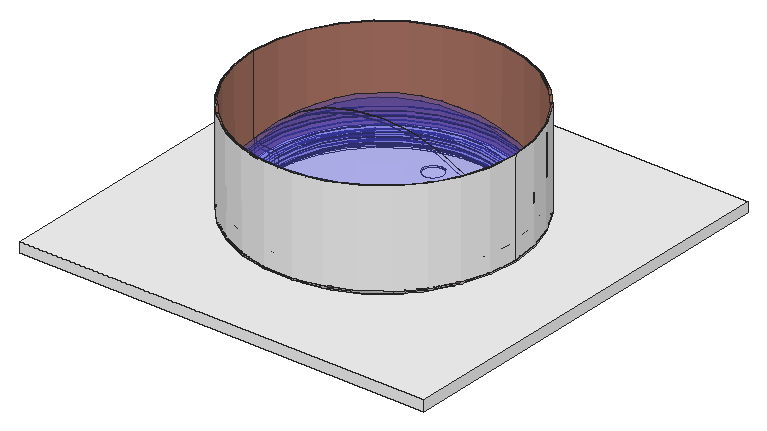
Revit family "BE_51017.6_de_DE", category Leuchten, Revit 2020
Family settings
  Basisbauteil = Fläche
  Bemaßung runder Anschluss = Durchmesser verwenden
  Teiletyp = Normal
  Beim Laden mit Abzugskörper schneiden = Ja
  Lichtquelle = Ja
  Gemeinsam genutzt = Nein
  Raumberechnungspunkt = Ja
Parameters (values of type "BEGA_51017.6_K3")
  built-in parameter 1150104 = 13.816 (stored number, unit not read)
  Wattage = 11.6 W
  Default Elevation = 0 mm
  built-in parameter 1150113 = 1 (stored number, unit not read)
  built-in parameter 1114218 = 1 (stored number, unit not read)
  Umgebungstemperatur = "25 °C"
  URL = "https://www.bega.com/de/produkt/51017.6"
  Typenkommentare = "© 2022 BEGA. Wir behalten uns das Recht vor, technische Änderungen ohne vorherige Ankündigung vorzunehmen."  # constant formula
  built-in parameter 1150134 = (empty or 0)
  built-in parameter 1150109 = 1 (stored number, unit not read)
  Strom = ""
  built-in parameter 1150110 = 1 (stored number, unit not read)
  Spannung = 239.996 V
  Sonderanfertigung = no
  Seriennummer [instance] = "Hier können Sie die eindeutige Seriennummer für das Facility Management eintragen."
  Schutzklasse = "I"
  Schutzart = "IP 20"
  Scheinlast = 0 VA
  Produktdatenblatt = "https://cdn.bega.com/bega/products/51017.6K3/current/documents/data-sheets/de"
  Oberflächentemperatur = ""
  Neigungswinkel = 0.00°
  Modell = "51017.6K3"
  Material_34 = BEGA_Oberfläche_Samtweiss_matt
  Material_29 = BEGA_Oberfläche_Kupfer_matt
  Material_14 = BEGA_Kunststoff_opal
  M_W = no
  M_G = no
  M_A = no
  Logo = 0
  built-in parameter 1114217 = 1 (stored number, unit not read)
  built-in parameter 1150139 = (empty or 0)
  built-in parameter 1150105 = 137.27 (stored number, unit not read)
  built-in parameter 1150114 = 1 (stored number, unit not read)
  Lumens = 1725.04 lm
  built-in parameter 1150115 = 1 (stored number, unit not read)
  Leuchtenlichtstrom = "934 lm"
  Leuchtenanzahl = ""
  Lebensdauerkriterien = "L70B50 @ 25 °C = 131000 h"
  Lastklassifizierung = Beleuchtung
  built-in parameter 1150112 = 1 (stored number, unit not read)
  Lampenlichtstrom = "1725 lm"
  Lampe = "LED 11.6 W"
  LED_Modulbezeichnung = "LED-0509/930"
  Hersteller = "BEGA"  # constant formula
  Halbstreuwinkel = ""
  Gewicht = "1.55 kg"
  Gebrauchslageneinschränkung [instance] = ""
  Frequenz = "50-60 Hz"
  Farbwiedergabeindex = "CRI > 90"
  Farbtemperaturverschiebung bei Dämpfen der Lampe = <Keine Auswahl>
  Farbtemperatur = "3000 K"
  Color Filter = 16777215
  built-in parameter 1150133 = 10 (stored number, unit not read)
  Energieeffizienzklasse = "LED A++ - A"
  built-in parameter 1150137 = (empty or 0)
  built-in parameter 1150132 = (empty or 0)
  ENEC = "ja"
  Dimmbar [instance] = "on/off"
  Datei für fotometrisches Netz = "BE_51017-6K3.ies"
  CE_Konformität = "ja"
  Bestellnummer = "51017.6K3"
  Beschreibung_Sonderanfertigung = "Hier können Sie Informationen zur Sonderanfertigung eintragen."
  Beschreibung = "Deckenleuchte"
  built-in parameter 1150106 = 1.3727 (stored number, unit not read)
  Befestigungsbohrung = "Ø 5,5 mm"
  Befestigungsabstand = "180 mm"
  Ballwurfsicher = ""
  BEGA_Intern_aus = yes
  BEGA_Intern_an = yes
  BEGA_Intern_Konstruktion = yes
  BEGA_Intern = yes
  BEGA_IES = yes
  BEGA_Dummy = no
  Anschlussleitung = ""
  Anschlussleistung [instance] = "15.5 W"
  Anschlusskasten = ""
  built-in parameter 1150107 = 3000 (stored number, unit not read)
  built-in parameter 1150102 = (empty or 0)
  built-in parameter 1150138 = (empty or 0)
  Aktualisierung = "2022-12-13T04:00:03"
  Abstand_zur_angestrahlten_Fläche [instance] = ""
  AC/DC = "AC"
Reference planes
  plane 1 "Mitte (Vorne/Hinten)": y = 0
  plane 2: z = 0
  plane 3 "Mitte (Links/Rechts)": x = 0
  plane 4 "Links": x = -131.008
  plane 5 "Rechts": x = 130.988
  plane 6 "Unten": y = -130.896
  plane 7 "Oben": y = 130.91
  plane 8 "Vorne": z = 104.998
  plane 9 "Hinten": z = 0
Forms (mm)
  Extrusion 1, solid, material "BEGA_Platte_Weiss"
    sketch origin (0, -1119.2, 0) x (1, 0, 0) y (0, 1, 0)
      loop
        line (-200, 1319.2) -> (-200, 919.2) -> (200, 919.2) -> (200, 1319.2) -> (-200, 1319.2)
    from 0 to -10
  Extrusion 2, solid, material "BEGA_Dummy_matt", visible <- "BEGA_Dummy"
    sketch origin (77.149, -76.023, 0) x (1, 0, 0) y (0, 1, 0)
      loop
        circle (-77.149, 76.023) r 131.008
    from 0 to 104.998
Dimensions and locks
  plane 1 "Mitte (Vorne/Hinten)" to Extrusion 1 = 200 mm
  aligned and locked: Extrusion 1 to plane 2
  aligned and locked: Extrusion 1 to level
Nested families
  nested 1: "BE_51017.6_Leuchte" at (0, 0, 0), type "BE_51017.6_Leuchte"
Connectors
  electrical at (0, 0, 0), driven by "Lastklassifizierung", driven by "Spannung", driven by "Scheinlast"
    settings: index 1, voltage 239.996 V, apparent load 0 VA, apparent load phase1 0 VA, apparent load phase2 0 VA, apparent load phase3 0 VA, power factor 1, load classification "Beleuchtung", number of poles 1, system type 31, power factor state 1, is connector primary yes, connector utility no, sub classification motor no, connector description ""
Definition of nested family "BE_51017.6_Leuchte"
  Parameters (values of type "BE_51017.6_Leuchte")
    Default Elevation = 1 mm
    URL = "http://www.bega.de/de/produkt"
    Type Comments = "© 2015 BEGA. Wir behalten uns das Recht vor, technische Änderungen ohne vorherige Ankündigung vorzunehmen. "  # constant formula
    Type Image = (empty or 0)
    Material_34 = none
    Material_29 = none
    Material_14 = none
    Länge_Platte = 200 mm  # constant formula
    Höhe_Platte = -10 mm  # constant formula
    Manufacturer = "BEGA"  # constant formula
    Breite_Platte = 200 mm  # constant formula
  Reference planes
    plane 1 "Mitte (Oben/Unten)": y = 0
    plane 2: z = 0
    plane 3 "Mitte (Links/Rechts)": x = 0
    plane 4: y = 130.91
    plane 5: x = 130.988
    plane 6: y = -130.896
    plane 7: x = -131.008
    plane 8: z = 104.998
    plane 9: z = 0
  Forms (mm)
    Extrusion 1, solid, detail levels medium
      sketch origin (0, 0, 0) x (1, 0, 0) y (0, 1, 0)
        loop
          line (-100, 100) -> (-100, -100) -> (100, -100) -> (100, 100) -> (-100, 100)
      from 0 to -10 <- "Höhe_Platte"
    Revolve 2, solid, material <- "Material_34"
      sketch origin (0, 0, 0) x (1, 0, 0) y (0, 0, 1)
        loop
          line (115.329, 20) -> (117.5, 20) -> (117.5, 21) -> (115.331, 21)
          arc (115.331, 21) -> (114.063, 20.484) -> (113.524, 19.225) r 1.8
          line (113.524, 19.225) -> (113.276, 4.974)
          arc (113.276, 4.974) -> (112.826, 3.93) -> (111.774, 3.5) r 1.5
          line (111.774, 3.5) -> (0, 3.5) -> (0, 2.5) -> (111.777, 2.5)
          arc (111.777, 2.5) -> (113.501, 3.19) -> (114.274, 4.878) r 2.5
          line (114.274, 4.878) -> (114.524, 19.21)
          arc (114.524, 19.21) -> (114.764, 19.771) -> (115.329, 20) r 0.8
        axis (0, 2.5) -> (0, 21)
      angle from 0 to 360
    Extrusion 3, void
      sketch origin (0, 0, 0) x (1, 0, 0) y (0, 1, 0)
        loop
          circle (-15, 80) r 10
        loop
          circle (15, 80) r 10
        loop
          circle (-90, 0) r 2.75
        loop
          circle (90, 0) r 2.75
      from 0 to 4.878
    Revolve 4, solid, material <- "Material_14"
      sketch origin (0, 0, 0) x (1, 0, 0) y (0, 0, 1)
        loop
          arc (0, 87.2) -> (67.014, 72.201) -> (121.239, 30.065) r 157.2
          arc (121.239, 30.065) -> (122.17, 27.888) -> (121.777, 25.553) r 4.2
          line (121.777, 25.553) -> (107.481, 24.804)
          arc (107.481, 24.804) -> (104.796, 23.561) -> (103.7, 20.813) r 4
          line (103.7, 20.813) -> (103.7, 17) -> (103.7, 11.774)
          arc (103.7, 11.774) -> (104.098, 10.28) -> (105.186, 9.182) r 3.003
          line (105.186, 9.182) -> (107.458, 7.87)
          arc (107.458, 7.87) -> (108.492, 6.868) -> (108.941, 5.5) r 3.003
          line (108.941, 5.5) -> (112.75, 5.5) -> (112.75, 8.743)
          arc (112.75, 8.743) -> (112.644, 9.141) -> (112.354, 9.434) r 0.801
          line (112.354, 9.434) -> (108, 11.947)
          arc (108, 11.947) -> (107.634, 12.314) -> (107.5, 12.814) r 1.001
          line (107.5, 12.814) -> (107.5, 17) -> (107.5, 20.051)
          arc (107.5, 20.051) -> (107.774, 20.739) -> (108.446, 21.05) r 1
          line (108.446, 21.05) -> (121.856, 21.752)
          arc (121.856, 21.752) -> (123.904, 22.445) -> (125.293, 24.103) r 4
          arc (125.293, 24.103) -> (125.93, 28.446) -> (124.179, 32.472) r 8
          arc (124.179, 32.472) -> (68.64, 75.635) -> (0, 91) r 161
          line (0, 91) -> (0, 87.2)
        axis (0, 5.5) -> (0, 91)
      angle from 0 to 360
    Revolve 5, solid, material <- "Material_34"
      sketch origin (0, 0, 0) x (1, 0, 0) y (0, 0, 1)
        loop
          line (130.498, 11.487) -> (130.825, 104.995) -> (129.825, 104.998) -> (129.498, 11.491)
          arc (129.498, 11.491) -> (129.203, 10.79) -> (128.5, 10.5) r 0.998
          line (128.5, 10.5) -> (116.927, 10.5)
          arc (116.927, 10.5) -> (116.003, 10.122) -> (115.609, 9.205) r 1.318
          line (115.609, 9.205) -> (115.5, 2.974)
          arc (115.5, 2.974) -> (114.899, 1.576) -> (113.491, 1) r 2.009
          line (113.491, 1) -> (110.5, 1) -> (110.5, 0) -> (113.491, 0)
          arc (113.491, 0) -> (115.6, 0.863) -> (116.5, 2.956) r 3.009
          line (116.5, 2.956) -> (116.614, 9.5) -> (128.5, 9.5)
          arc (128.5, 9.5) -> (129.909, 10.081) -> (130.498, 11.487) r 1.998
        axis (0, 0) -> (0, 104.998)
      angle from 0 to 360
    Revolve 6, solid, material <- "Material_29"
      sketch origin (0, 0, 0) x (1, 0, 0) y (0, 0, 1)
        loop
          line (110.5, 2.5) -> (110.5, 1) -> (113.491, 1)
          arc (113.491, 1) -> (114.899, 1.576) -> (115.5, 2.974) r 2.009
          line (115.5, 2.974) -> (115.606, 9.033)
          arc (115.606, 9.033) -> (115.987, 9.999) -> (116.905, 10.487) r 1.5
          line (116.905, 10.487) -> (128.998, 10.487)
          arc (128.998, 10.487) -> (129.725, 11.09) -> (130, 11.995) r 1.645
          line (130, 11.995) -> (130.325, 104.995) -> (129.325, 104.995) -> (128.998, 11.487) -> (116.846, 11.487)
          arc (116.846, 11.487) -> (115.266, 10.693) -> (114.606, 9.052) r 2.5
          line (114.606, 9.052) -> (114.491, 2.5) -> (110.5, 2.5)
        axis (0, 1) -> (0, 104.995)
      angle from 0 to 360
  Cuts and joins
    Extrusion 3 cuts Revolve 2
  Dimensions and locks
    equal spacing: Extrusion 1 sketch curve, plane 3 "Mitte (Links/Rechts)", Extrusion 1 sketch curve
    equal spacing: Extrusion 1 sketch curve, plane 1 "Mitte (Oben/Unten)", Extrusion 1 sketch curve
    "Länge_Platte": Extrusion 1 sketch curve to Extrusion 1 sketch curve
    "Breite_Platte": Extrusion 1 sketch curve to Extrusion 1 sketch curve
    plane 1 "Mitte (Oben/Unten)" to Extrusion 1 = 100 mm  (x3)
    aligned and locked: plane 2 to Extrusion 1
    aligned and locked: level to Extrusion 1
  Automatic sketch dimensions
    Extrusion 3 sketch curve to plane 3 "Mitte (Links/Rechts)" = 15 mm
    plane 3 "Mitte (Links/Rechts)" to Extrusion 3 sketch curve = 15 mm
    Extrusion 3 sketch curve to plane 1 "Mitte (Oben/Unten)" = 80 mm
    Extrusion 3 sketch curve to Extrusion 3 sketch curve = 0 mm
    Revolve 2 sketch curve to Revolve 2 sketch curve = 0 mm  (x5)
    Revolve 2 sketch curve to plane 3 "Mitte (Links/Rechts)" = 0 mm  (x2)
    Revolve 2 sketch curve to Revolve 2 sketch curve = 0.003 mm  (x2)
    level to Revolve 2 sketch curve = 19.225 mm
    Revolve 2 sketch curve to Revolve 2 sketch curve = 1.747 mm
    level to Revolve 2 sketch curve = 19.21 mm
    Revolve 2 sketch curve to Revolve 2 sketch curve = 1 mm  (x2)
    Revolve 2 sketch curve to Revolve 2 sketch curve = 0.8 mm
    Revolve 2 sketch curve to Revolve 2 sketch curve = 0.004 mm
    Revolve 2 sketch curve to Revolve 2 sketch curve = 0.002 mm  (x2)
    Revolve 2 sketch curve to Revolve 2 sketch curve = 2.169 mm
    level to Revolve 2 sketch curve = 2.5 mm
    Revolve 2 sketch curve to Revolve 2 sketch curve = 1.5 mm
    Revolve 2 sketch curve to Revolve 2 sketch curve = 0.01 mm
    Revolve 2 sketch curve to Revolve 2 sketch curve = 1.497 mm
    level to Revolve 2 sketch curve = 4.974 mm
    Revolve 2 sketch curve to Revolve 2 sketch curve = 0.998 mm
    Revolve 2 sketch curve to level = 609.6 mm
    Revolve 2 sketch curve to Revolve 2 sketch curve = 2588.058 mm
    plane 3 "Mitte (Links/Rechts)" to Revolve 2 sketch curve = 111.777 mm
    level to Revolve 2 sketch curve = 5 mm
    Revolve 2 sketch curve to Revolve 2 sketch curve = 0.096 mm
    Revolve 4 sketch curve to plane 3 "Mitte (Links/Rechts)" = 0 mm  (x3)
    plane 3 "Mitte (Links/Rechts)" to Revolve 4 sketch curve = 0 mm
    level to Revolve 4 sketch curve = 27.391 mm
    plane 3 "Mitte (Links/Rechts)" to Revolve 4 sketch curve = 118 mm
    Revolve 4 sketch curve to level = 70 mm
    Revolve 4 sketch curve to Revolve 4 sketch curve = 0 mm  (x15)
    level to Revolve 4 sketch curve = 87.2 mm
    Revolve 4 sketch curve to Revolve 4 sketch curve = 3.239 mm
    Revolve 4 sketch curve to Revolve 4 sketch curve = 2.94 mm
    Revolve 4 sketch curve to Revolve 4 sketch curve = 4.054 mm
    Revolve 4 sketch curve to Revolve 4 sketch curve = 5.962 mm
    Revolve 4 sketch curve to Revolve 4 sketch curve = 539.6 mm
    Revolve 4 sketch curve to Revolve 4 sketch curve = 2518.058 mm
    Revolve 4 sketch curve to Revolve 4 sketch curve = 3.647 mm
    level to Revolve 4 sketch curve = 25.553 mm
    Revolve 4 sketch curve to Revolve 4 sketch curve = 0.13 mm
    Revolve 4 sketch curve to Revolve 4 sketch curve = 0.193 mm
    level to Revolve 4 sketch curve = 24.804 mm
    Revolve 4 sketch curve to Revolve 4 sketch curve = 10.519 mm
    level to Revolve 4 sketch curve = 21.05 mm
    Revolve 4 sketch curve to Revolve 4 sketch curve = 0.965 mm
    Revolve 4 sketch curve to Revolve 4 sketch curve = 0.079 mm
    level to Revolve 4 sketch curve = 21.752 mm
    Revolve 4 sketch curve to Revolve 4 sketch curve = 0.746 mm
    Revolve 4 sketch curve to Revolve 4 sketch curve = 0.239 mm
    Revolve 4 sketch curve to Revolve 4 sketch curve = 0.003 mm
    Revolve 4 sketch curve to Revolve 4 sketch curve = 3.813 mm
    Revolve 4 sketch curve to Revolve 4 sketch curve = 0.054 mm
    Revolve 4 sketch curve to Revolve 4 sketch curve = 0.759 mm
    Revolve 4 sketch curve to Revolve 4 sketch curve = 3.051 mm
    level to Revolve 4 sketch curve = 11.774 mm
    Revolve 4 sketch curve to Revolve 4 sketch curve = 3.8 mm
    level to Revolve 4 sketch curve = 17 mm
    Revolve 4 sketch curve to Revolve 4 sketch curve = 1.04 mm
    Revolve 4 sketch curve to Revolve 4 sketch curve = 1.001 mm
    Revolve 4 sketch curve to Revolve 4 sketch curve = 3.448 mm
    Revolve 4 sketch curve to Revolve 4 sketch curve = 0.405 mm
    Revolve 4 sketch curve to Revolve 4 sketch curve = 0.691 mm
    level to Revolve 4 sketch curve = 11.947 mm
    Revolve 4 sketch curve to Revolve 4 sketch curve = 0.5 mm
    Revolve 4 sketch curve to Revolve 4 sketch curve = 0.396 mm
    level to Revolve 4 sketch curve = 9.182 mm
    Revolve 4 sketch curve to Revolve 4 sketch curve = 1.486 mm
    Revolve 4 sketch curve to Revolve 4 sketch curve = 1.298 mm
    Revolve 4 sketch curve to Revolve 4 sketch curve = 0.174 mm
    level to Revolve 4 sketch curve = 7.87 mm
    Revolve 4 sketch curve to Revolve 4 sketch curve = 2.272 mm
    Revolve 4 sketch curve to Revolve 4 sketch curve = 3.243 mm
    Revolve 4 sketch curve to Revolve 4 sketch curve = 1.511 mm
    Revolve 4 sketch curve to Revolve 4 sketch curve = 2.595 mm
    Revolve 4 sketch curve to Revolve 4 sketch curve = 1.483 mm
    Revolve 5 sketch curve to Revolve 5 sketch curve = 0 mm  (x10)
    Revolve 5 sketch curve to plane 3 "Mitte (Links/Rechts)" = 0 mm
    Revolve 5 sketch curve to level = 0 mm
    level to Revolve 5 sketch curve = 1 mm
    plane 3 "Mitte (Links/Rechts)" to Revolve 5 sketch curve = 110.5 mm
    Revolve 5 sketch curve to Revolve 5 sketch curve = 2.991 mm
    level to Revolve 5 sketch curve = 2.974 mm
    Revolve 5 sketch curve to Revolve 5 sketch curve = 2.009 mm
    level to Revolve 5 sketch curve = 9.205 mm
    Revolve 5 sketch curve to Revolve 5 sketch curve = 0.109 mm
    level to Revolve 5 sketch curve = 2.956 mm
    Revolve 5 sketch curve to Revolve 5 sketch curve = 1 mm  (x3)
    level to Revolve 5 sketch curve = 9.5 mm
    Revolve 5 sketch curve to Revolve 5 sketch curve = 1.005 mm
    Revolve 5 sketch curve to Revolve 5 sketch curve = 0.313 mm
    Revolve 5 sketch curve to Revolve 5 sketch curve = 11.573 mm
    level to Revolve 5 sketch curve = 11.491 mm
    Revolve 5 sketch curve to Revolve 5 sketch curve = 0.998 mm
    Revolve 5 sketch curve to Revolve 5 sketch curve = 0.326 mm
    level to Revolve 5 sketch curve = 11.487 mm
    Revolve 5 sketch curve to Revolve 5 sketch curve = 0.035 mm
    Revolve 5 sketch curve to Revolve 5 sketch curve = 0.318 mm
    Revolve 5 sketch curve to Revolve 5 sketch curve = 0.007 mm
    Revolve 5 sketch curve to Revolve 5 sketch curve = 93.508 mm
    Revolve 5 sketch curve to Revolve 5 sketch curve = 0.003 mm
    Revolve 5 sketch curve to level = 609.6 mm
    Revolve 5 sketch curve to Revolve 5 sketch curve = 2504.06 mm
    Revolve 6 sketch curve to Revolve 6 sketch curve = 0 mm  (x4)
    Revolve 6 sketch curve to plane 3 "Mitte (Links/Rechts)" = 0 mm
    level to Revolve 6 sketch curve = 2.5 mm
    plane 3 "Mitte (Links/Rechts)" to Revolve 6 sketch curve = 110.5 mm
    Revolve 6 sketch curve to Revolve 6 sketch curve = 2.991 mm
    Revolve 6 sketch curve to Revolve 6 sketch curve = 1 mm  (x3)
    level to Revolve 6 sketch curve = 9.052 mm
    Revolve 6 sketch curve to Revolve 6 sketch curve = 1.115 mm
    level to Revolve 6 sketch curve = 9.033 mm
    Revolve 6 sketch curve to Revolve 6 sketch curve = 1.24 mm
    Revolve 6 sketch curve to Revolve 6 sketch curve = 0.059 mm
    Revolve 6 sketch curve to Revolve 6 sketch curve = 0.201 mm
    Revolve 6 sketch curve to Revolve 6 sketch curve = 11.509 mm
    Revolve 6 sketch curve to Revolve 6 sketch curve = 0.97 mm
    level to Revolve 6 sketch curve = 1 mm
    Revolve 6 sketch curve to Revolve 6 sketch curve = 0.509 mm
    Revolve 6 sketch curve to Revolve 6 sketch curve = 0.033 mm
    Revolve 6 sketch curve to Revolve 6 sketch curve = 92.994 mm
    Revolve 6 sketch curve to Revolve 6 sketch curve = 1.008 mm
    level to Revolve 6 sketch curve = 2.974 mm
    Revolve 6 sketch curve to Revolve 6 sketch curve = 1.002 mm
    Revolve 6 sketch curve to level = 609.6 mm
    Revolve 6 sketch curve to Revolve 6 sketch curve = 2504.063 mm
    Revolve 6 sketch curve to Revolve 6 sketch curve = 0.643 mm
    Revolve 6 sketch curve to Revolve 6 sketch curve = 0.508 mm
    radius of Extrusion 3 sketch curve = 10 mm  (x2)
